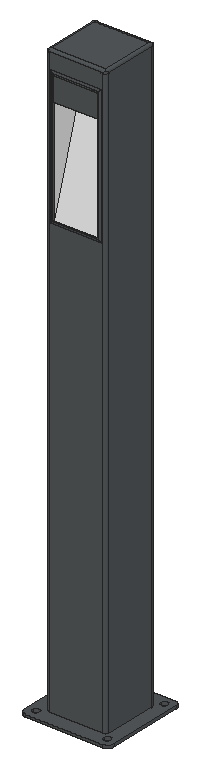
Revit family "svetilnik_alfresco_ar deko_dtu19", category Lighting Fixtures, Revit 2016 (continued)
Definition of nested family "Источник света Ар_Деко"
  Types (5, lengths in mm): name | Photometric Web File | built-in parameter 1150142
      .2\r\n       0.2       0.2       0.2       0.2       0.2       0.2       0.2       0.2\r\n       0.2       0.2       0.2       0.2       0.2       0.2       0.2       0.2\r\n       0.2       0.2       0.2       0.2       0.2       0.2       0.2       0.2\r\n       0.2       0.2       0.2       0.2       0.2       0.2       0.2       0.2\r\n       0.2       0.2       0.2       0.2       0.2       0.2       0.2       0.2\r\n       0.2       0.2       0.2       0.2       0.2       0.2       0.2       0.2\r\n       0.2       0.2       0.2       0.2       0.2       0.2       0.2       0.2\r\n       0.2       0.2       0.2       0.2       0.2       0.2       0.2       0.2\r\n       0.2       0.2       0.2       0.2       0.2       0.2       0.2       0.2\r\n       0.2       0.2       0.2       0.2       0.2       0.2       0.2       0.2\r\n       0.2       0.2       0.2       0.2       0.2       0.2       0.2       0.2\r\n       0.2       0.2       0.2       0.2       0.2       0.2       0.2       0.2\r\n       0.2       0.2       0.2       0.2       0.2       0.2       0.2       0.2\r\n       0.2       0.2       0.2       0.2       0.2       0.2       0.2       0.2\r\n       0.2       0.2       0.2       0.2       0.2       0.2       0.2       0.2\r\n       0.2       0.2       0.2       0.2       0.2       0.2       0.2       0.2\r\n       0.2       0.2       0.2       0.1       0.1       0.1       0.0       0.0\r\n       0.0       0.0       0.0       0.0       0.0\r\n       0.0       0.0       0.1       0.1       0.1       0.1       0.1       0.1\r\n       0.2       0.2       0.2       0.2       0.2       0.2       0.2       0.2\r\n       0.2       0.2       0.2       0.2       0.2       0.2       0.2       0.2\r\n       0.2       0.2       0.2       0.2       0.2       0.2       0.2       0.2\r\n       0.2       0.2       0.2       0.2       0.2       0.2       0.2       0.2\r\n       0.2       0.2       0.2       0.2       0.2       0.2       0.2       0.2\r\n       0.2       0.2       0.2       0.2       0.2       0.2       0.2       0.2\r\n       0.2       0.2       0.2       0.2       0.2       0.2       0.2       0.2\r\n       0.2       0.2       0.2       0.2       0.2       0.2       0.2       0.2\r\n       0.2       0.2       0.2       0.2       0.2       0.2       0.2       0.2\r\n       0.2       0.2       0.2       0.2       0.2       0.2       0.2       0.2\r\n       0.2       0.2       0.2       0.2       0.2       0.2       0.2       0.2\r\n       0.2       0.2       0.2       0.2       0.2       0.2       0.2       0.2\r\n       0.2       0.2       0.2       0.2       0.2       0.2       0.2       0.2\r\n       0.2       0.2       0.2       0.2       0.2       0.2       0.2       0.2\r\n       0.2       0.2       0.2       0.2       0.2       0.2       0.2       0.2\r\n       0.2       0.2       0.2       0.2       0.2       0.2       0.2       0.2\r\n       0.2       0.2       0.2       0.2       0.2       0.2       0.2       0.2\r\n       0.2       0.2       0.2       0.2       0.2       0.2       0.2       0.2\r\n       0.2       0.2       0.2       0.2       0.2       0.2       0.2       0.2\r\n       0.2       0.2       0.2       0.2       0.2       0.2       0.2       0.2\r\n       0.2       0.2       0.2       0.1       0.1       0.1       0.0       0.0\r\n       0.0       0.0       0.0       0.0       0.0\r\n       0.0       0.0       0.1       0.1       0.1       0.1       0.1       0.1\r\n       0.2       0.2       0.2       0.2       0.2       0.2       0.2       0.2\r\n       0.2       0.2       0.2       0.2       0.2       0.2       0.2       0.2\r\n       0.2       0.2       0.2       0.2       0.2       0.2       0.2       0.2\r\n       0.2       0.2       0.2       0.2       0.2       0.2       0.2       0.2\r\n       0.2       0.2       0.2       0.2       0.2       0.2       0.2       0.2\r\n       0.2       0.2       0.2       0.2       0.2       0.2       0.2       0.2\r\n       0.2       0.2       0.2       0.2       0.2       0.2       0.2       0.2\r\n       0.2       0.2       0.2       0.2       0.2       0.2       0.2       0.2\r\n       0.2       0.2       0.2       0.2       0.2       0.2       0.2       0.2\r\n       0.2       0.2       0.2       0.2       0.2       0.2       0.2       0.2\r\n       0.2       0.2       0.2       0.2       0.2       0.2       0.2       0.2\r\n       0.2       0.2       0.2       0.2       0.2       0.2       0.2       0.2\r\n       0.2       0.2       0.2       0.2       0.2       0.2       0.2       0.2\r\n       0.2       0.2       0.2       0.2       0.2       0.2       0.2       0.2\r\n       0.2       0.2       0.2       0.2       0.2       0.2       0.2       0.2\r\n       0.2       0.2       0.2       0.2       0.2       0.2       0.2       0.2\r\n       0.2       0.2       0.2       0.2       0.2       0.2       0.2       0.2\r\n       0.2       0.2       0.2       0.2       0.2       0.2       0.2       0.2\r\n       0.2       0.2       0.2       0.2       0.2       0.2       0.2       0.2\r\n       0.2       0.2       0.2       0.2       0.2       0.2       0.2       0.2\r\n       0.2       0.2       0.2       0.1       0.1       0.1       0.0       0.0\r\n       0.0       0.0       0.0       0.0       0.0\r\n       0.0       0.0       0.1       0.1       0.1       0.1       0.1       0.1\r\n       0.2       0.2       0.2       0.2       0.2       0.2       0.2       0.2\r\n       0.2       0.2       0.2       0.2       0.2       0.2       0.2       0.2\r\n       0.2       0.2       0.2       0.2       0.2       0.2       0.2       0.2\r\n       0.2       0.2       0.2       0.2       0.2       0.2       0.2       0.2\r\n       0.2       0.2       0.2       0.2       0.2       0.2       0.2       0.2\r\n       0.2       0.2       0.2       0.2       0.2       0.2       0.2       0.2\r\n       0.2       0.2       0.2       0.2       0.2       0.2       0.2       0.2\r\n       0.2       0.2       0.2       0.2       0.2       0.2       0.2       0.2\r\n       0.2       0.2       0.2       0.2       0.2       0.2       0.2       0.2\r\n       0.2       0.2       0.2       0.2       0.2       0.2       0.2       0.2\r\n       0.2       0.2       0.2       0.2       0.2       0.2       0.2       0.2\r\n       0.2       0.2       0.2       0.2       0.2       0.2       0.2       0.2\r\n       0.2       0.2       0.2       0.2       0.2       0.2       0.2       0.2\r\n       0.2       0.2       0.2       0.2       0.2       0.2       0.2       0.2\r\n       0.2       0.2       0.2       0.2       0.2       0.2       0.2       0.2\r\n       0.2       0.2       0.2       0.2       0.2       0.2       0.2       0.2\r\n       0.2       0.2       0.2       0.2       0.2       0.2       0.2       0.2\r\n       0.2       0.2       0.2       0.2       0.2       0.2       0.2       0.2\r\n       0.2       0.2       0.2       0.2       0.2       0.2       0.2       0.2\r\n       0.2       0.2       0.2       0.2       0.2       0.2       0.2       0.2\r\n       0.2       0.2       0.2       0.1       0.1       0.1       0.0       0.0\r\n       0.0       0.0       0.0       0.0       0.0\r\n       0.0       0.0       0.1       0.1       0.1       0.1       0.1       0.1\r\n       0.2       0.2       0.2       0.2       0.2       0.2       0.2       0.2\r\n       0.2       0.2       0.2       0.2       0.2       0.2       0.2       0.2\r\n       0.2       0.2       0.2       0.2       0.2       0.2       0.2       0.2\r\n       0.2       0.2       0.2       0.2       0.2       0.2       0.2       0.2\r\n       0.2       0.2       0.2       0.2       0.2       0.2       0.2       0.2\r\n       0.2       0.2       0.2       0.2       0.2       0.2       0.2       0.2\r\n       0.2       0.2       0.2       0.2       0.2       0.2       0.2       0.2\r\n       0.2       0.2       0.2       0.2       0.2       0.2       0.2       0.2\r\n       0.2       0.2       0.2       0.2       0.2       0.2       0.3       0.2\r\n       0.2       0.2       0.2       0.2       0.2       0.2       0.2       0.2\r\n       0.2       0.2       0.2       0.2       0.2       0.2       0.2       0.2\r\n       0.2       0.2       0.2       0.2       0.2       0.2       0.2       0.2\r\n       0.2       0.2       0.2       0.2       0.2       0.2       0.2       0.2\r\n       0.2       0.2       0.2       0.2       0.2       0.2       0.2       0.2\r\n       0.2       0.2       0.2       0.2       0.2       0.2       0.2       0.2\r\n       0.2       0.2       0.2       0.2       0.2       0.2       0.2       0.2\r\n       0.2       0.2       0.2       0.2       0.2       0.2       0.2       0.2\r\n       0.2       0.2       0.2       0.2       0.2       0.2       0.2       0.2\r\n       0.2       0.2       0.2       0.2       0.2       0.2       0.2       0.2\r\n       0.2       0.2       0.2       0.2       0.2       0.2       0.2       0.2\r\n       0.2       0.2       0.2       0.1       0.1       0.1       0.0       0.0\r\n       0.0       0.0       0.0       0.0       0.0\r\n       0.0       0.0       0.1       0.1       0.1       0.1       0.1       0.1\r\n       0.2       0.2       0.2       0.2       0.2       0.2       0.2       0.2\r\n       0.2       0.2       0.2       0.2       0.2       0.2       0.2       0.2\r\n       0.2       0.2       0.2       0.2       0.2       0.2       0.2       0.2\r\n       0.2       0.2       0.2       0.2       0.2       0.2       0.2       0.2\r\n       0.2       0.2       0.2       0.2       0.2       0.2       0.2       0.2\r\n       0.2       0.2       0.2       0.2       0.2       0.2       0.2       0.2\r\n       0.2       0.2       0.2       0.2       0.2       0.2       0.2       0.2\r\n       0.2       0.2       0.2       0.2       0.2       0.2       0.2       0.2\r\n       0.2       0.2       0.2       0.2       0.2       0.2       0.2       0.2\r\n       0.2       0.2       0.2       0.2       0.2       0.2       0.2       0.2\r\n       0.2       0.2       0.2       0.2       0.2       0.2       0.2       0.2\r\n       0.2       0.2       0.2       0.2       0.2       0.2       0.2       0.2\r\n       0.2       0.2       0.2       0.2       0.2       0.2       0.2       0.2\r\n       0.2       0.2       0.2       0.2       0.2       0.2       0.2       0.2\r\n       0.2       0.2       0.2       0.2       0.2       0.2       0.2       0.2\r\n       0.2       0.2       0.2       0.2       0.2       0.2       0.2       0.2\r\n       0.2       0.2       0.2       0.2       0.2       0.2       0.2       0.2\r\n       0.2       0.2       0.2       0.2       0.2       0.2       0.2       0.2\r\n       0.2       0.2       0.2       0.2       0.2       0.2       0.2       0.2\r\n       0.2       0.2       0.2       0.2       0.2       0.2       0.2       0.2\r\n       0.2       0.2       0.2       0.1       0.1       0.1       0.0       0.0\r\n       0.0       0.0       0.0       0.0       0.0\r\n       0.0       0.0       0.1       0.1       0.1       0.1       0.1       0.1\r\n       0.2       0.2       0.2       0.2       0.2       0.2       0.2       0.2\r\n       0.2       0.2       0.2       0.2       0.2       0.2       0.2       0.2\r\n       0.2       0.2       0.2       0.2       0.2       0.2       0.2       0.2\r\n       0.2       0.2       0.2       0.2       0.2       0.2       0.2       0.2\r\n       0.2       0.2       0.2       0.2       0.2       0.2       0.2       0.2\r\n       0.2       0.2       0.2       0.2       0.2       0.2       0.2       0.2\r\n       0.2       0.2       0.2       0.2       0.2       0.2       0.2       0.2\r\n       0.2       0.2       0.2       0.2       0.2       0.2       0.2       0.2\r\n       0.2       0.2       0.2       0.2       0.2       0.2       0.2       0.2\r\n       0.2       0.2       0.2       0.2       0.2       0.2       0.2       0.2\r\n       0.2       0.2       0.2       0.2       0.2       0.2       0.2       0.2\r\n       0.2       0.2       0.2       0.2       0.2       0.2       0.2       0.2\r\n       0.2       0.2       0.2       0.2       0.2       0.2       0.2       0.2\r\n       0.2       0.2       0.2       0.2       0.2       0.2       0.2       0.2\r\n       0.2       0.2       0.2       0.2       0.2       0.2       0.2       0.2\r\n       0.2       0.2       0.2       0.2       0.2       0.2       0.2       0.2\r\n       0.2       0.2       0.2       0.2       0.2       0.2       0.2       0.2\r\n       0.2       0.2       0.2       0.2       0.2       0.2       0.2       0.2\r\n       0.2       0.2       0.2       0.2       0.2       0.2       0.2       0.2\r\n       0.2       0.2       0.2       0.2       0.2       0.2       0.2       0.2\r\n       0.2       0.2       0.2       0.1       0.1       0.1       0.0       0.0\r\n       0.0       0.0       0.0       0.0       0.0\r\n       0.0       0.0       0.1       0.1       0.1       0.1       0.1       0.1\r\n       0.2       0.2       0.2       0.2       0.2       0.2       0.2       0.2\r\n       0.2       0.2       0.2       0.2       0.2       0.2       0.2       0.2\r\n       0.2       0.2       0.2       0.2       0.2       0.2       0.2       0.2\r\n       0.2       0.2       0.2       0.2       0.2       0.2       0.2       0.2\r\n       0.2       0.2       0.2       0.2       0.2       0.2       0.2       0.2\r\n       0.2       0.2       0.2       0.2       0.2       0.2       0.2       0.2\r\n       0.2       0.2       0.2       0.2       0.2       0.2       0.2       0.2\r\n       0.2       0.2       0.2       0.2       0.2       0.2       0.2       0.2\r\n       0.2       0.2       0.2       0.2       0.2       0.2       0.2       0.2\r\n       0.2       0.2       0.2       0.2       0.2       0.2       0.2       0.2\r\n       0.2       0.2       0.2       0.2       0.2       0.2       0.2       0.2\r\n       0.2       0.2       0.2       0.2       0.2       0.2       0.2       0.2\r\n       0.2       0.2       0.2       0.2       0.2       0.2       0.2       0.2\r\n       0.2       0.2       0.2       0.2       0.2       0.2       0.2       0.2\r\n       0.2       0.2       0.2       0.2       0.2       0.2       0.2       0.2\r\n       0.2       0.2       0.2       0.2       0.2       0.2       0.2       0.2\r\n       0.2       0.2       0.2       0.2       0.2       0.2       0.2       0.2\r\n       0.2       0.2       0.2       0.2       0.2       0.2       0.2       0.2\r\n       0.2       0.2       0.2       0.2       0.2       0.2       0.2       0.2\r\n       0.2       0.2       0.2       0.2       0.2       0.2       0.2       0.2\r\n       0.2       0.2       0.2       0.1       0.1       0.1       0.0       0.0\r\n       0.0       0.0       0.0       0.0       0.0\r\n       0.0       0.0       0.2       0.1       0.1       0.1       0.1       0.1\r\n       0.2       0.2       0.2       0.2       0.2       0.2       0.2       0.2\r\n       0.2       0.2       0.2       0.2       0.2       0.2       0.2       0.2\r\n       0.2       0.2       0.2       0.2       0.2       0.2       0.2       0.2\r\n       0.2       0.2       0.2       0.2       0.2       0.2       0.2       0.2\r\n       0.2       0.2       0.2       0.2       0.2       0.2       0.2       0.2\r\n       0.2       0.2       0.2       0.2       0.2       0.2       0.2       0.2\r\n       0.2       0.2       0.2       0.2       0.2       0.2       0.2       0.2\r\n       0.2       0.2       0.2       0.2       0.2       0.2       0.2       0.2\r\n       0.2       0.2       0.2       0.2       0.2       0.2       0.2       0.2\r\n       0.2       0.2       0.2       0.2       0.2       0.2       0.2       0.2\r\n       0.2       0.2       0.2       0.2       0.2       0.2       0.2       0.2\r\n       0.2       0.2       0.2       0.2       0.2       0.2       0.2       0.2\r\n       0.2       0.2       0.2       0.2       0.2       0.2       0.2       0.2\r\n       0.2       0.2       0.2       0.2       0.2       0.2       0.2       0.2\r\n       0.2       0.2       0.2       0.2       0.2       0.2       0.2       0.2\r\n       0.2       0.2       0.2       0.2       0.2       0.2       0.2       0.2\r\n       0.2       0.2       0.2       0.2       0.2       0.2       0.2       0.2\r\n       0.2       0.2       0.2       0.2       0.2       0.2       0.2       0.2\r\n
             0.2       0.2       0.2       0.2       0.2       0.2       0.2       0.2\r\n       0.2       0.2       0.2       0.2       0.2       0.2       0.2       0.2\r\n       0.2       0.2       0.2       0.1       0.1       0.1       0.0       0.0\r\n       0.0       0.0       0.0       0.0       0.0\r\n       0.0       0.0       0.2       0.1       0.1       0.1       0.1       0.1\r\n       0.2       0.2       0.2       0.2       0.2       0.2       0.2       0.2\r\n       0.2       0.2       0.2       0.2       0.2       0.2       0.2       0.2\r\n       0.2       0.2       0.2       0.2       0.2       0.2       0.2       0.2\r\n       0.2       0.2       0.2       0.2       0.2       0.2       0.2       0.2\r\n       0.2       0.2       0.2       0.2       0.2       0.2       0.2       0.2\r\n       0.2       0.2       0.2       0.2       0.2       0.2       0.2       0.2\r\n       0.2       0.2       0.2       0.2       0.2       0.2       0.2       0.2\r\n       0.2       0.3       0.3       0.3       0.3       0.3       0.3       0.3\r\n       0.3       0.2       0.2       0.2       0.2       0.2       0.2       0.2\r\n       0.2       0.2       0.2       0.2       0.2       0.2       0.2       0.2\r\n       0.2       0.2       0.2       0.2       0.2       0.2       0.2       0.2\r\n       0.2       0.2       0.2       0.2       0.2       0.2       0.2       0.2\r\n       0.2       0.2       0.2       0.2       0.2       0.2       0.2       0.2\r\n       0.2       0.2       0.2       0.2       0.2       0.2       0.2       0.2\r\n       0.2       0.2       0.2       0.2       0.2       0.2       0.2       0.2\r\n       0.2       0.2       0.2       0.2       0.2       0.2       0.2       0.2\r\n       0.2       0.2       0.2       0.2       0.2       0.2       0.2       0.2\r\n       0.2       0.2       0.2       0.2       0.2       0.2       0.2       0.2\r\n       0.2       0.2       0.2       0.2       0.2       0.2       0.2       0.2\r\n       0.2       0.2       0.2       0.2       0.2       0.2       0.2       0.2\r\n       0.2       0.2       0.2       0.1       0.1       0.1       0.0       0.0\r\n       0.0       0.0       0.0       0.0       0.0\r\n       0.0       0.0       0.2       0.1       0.1       0.1       0.1       0.1\r\n       0.2       0.3       0.2       0.2       0.2       0.2       0.2       0.2\r\n       0.2       0.2       0.2       0.2       0.2       0.2       0.2       0.2\r\n       0.2       0.2       0.2       0.2       0.2       0.2       0.2       0.2\r\n       0.2       0.2       0.2       0.2       0.2       0.2       0.2       0.2\r\n       0.2       0.2       0.2       0.2       0.2       0.2       0.2       0.2\r\n       0.2       0.2       0.2       0.2       0.2       0.2       0.2       0.2\r\n       0.2       0.2       0.2       0.3       0.3       0.3       0.3       0.3\r\n       0.4       0.7       0.7       0.7       0.6       0.5       0.5       0.4\r\n       0.4       0.3       0.3       0.2       0.2       0.2       0.2       0.2\r\n       0.2       0.2       0.2       0.2       0.2       0.2       0.2       0.2\r\n       0.2       0.2       0.2       0.2       0.2       0.2       0.2       0.2\r\n       0.2       0.2       0.2       0.2       0.2       0.2       0.2       0.2\r\n       0.2       0.2       0.2       0.2       0.2       0.2       0.2       0.2\r\n       0.2       0.2       0.2       0.2       0.2       0.2       0.2       0.2\r\n       0.2       0.2       0.2       0.2       0.2       0.2       0.2       0.2\r\n       0.2       0.2       0.2       0.2       0.2       0.2       0.2       0.2\r\n       0.2       0.2       0.2       0.2       0.2       0.2       0.2       0.2\r\n       0.2       0.2       0.2       0.2       0.2       0.2       0.2       0.2\r\n       0.2       0.2       0.2       0.2       0.2       0.2       0.2       0.2\r\n       0.2       0.2       0.2       0.2       0.2       0.2       0.2       0.2\r\n       0.2       0.2       0.2       0.2       0.1       0.1       0.0       0.0\r\n       0.0       0.0       0.0       0.0       0.0\r\n       0.0       0.0       0.2       0.1       0.2       0.1       0.1       0.1\r\n       0.2       0.3       0.2       0.2       0.2       0.2       0.2       0.2\r\n       0.2       0.2       0.2       0.2       0.2       0.2       0.2       0.2\r\n       0.2       0.2       0.2       0.2       0.2       0.2       0.2       0.2\r\n       0.2       0.2       0.2       0.2       0.2       0.2       0.3       0.9\r\n       1.2       1.2       1.0       0.9       0.8       0.7       0.6       0.5\r\n       0.4       0.4       0.4       0.4       0.4       0.4       0.5       0.6\r\n       0.5       0.5       0.6       0.8       0.9       1.0       1.2       1.0\r\n       0.7       1.0       1.3       1.4       1.2       1.0       0.8       0.7\r\n       0.6       0.5       0.4       0.4       0.3       0.3       0.3       0.2\r\n       0.2       0.2       0.2       0.2       0.2       0.2       0.2       0.2\r\n       0.2       0.2       0.2       0.2       0.2       0.2       0.2       0.2\r\n       0.2       0.2       0.2       0.2       0.2       0.2       0.2       0.2\r\n       0.2       0.2       0.2       0.2       0.2       0.2       0.2       0.2\r\n       0.2       0.2       0.2       0.2       0.2       0.2       0.2       0.2\r\n       0.2       0.2       0.2       0.2       0.2       0.2       0.2       0.2\r\n       0.2       0.2       0.2       0.2       0.2       0.2       0.2       0.2\r\n       0.2       0.2       0.2       0.2       0.2       0.2       0.2       0.2\r\n       0.2       0.2       0.2       0.2       0.2       0.2       0.2       0.2\r\n       0.2       0.2       0.2       0.2       0.2       0.2       0.2       0.2\r\n       0.2       0.2       0.2       0.2       0.2       0.2       0.2       0.2\r\n       0.2       0.2       0.2       0.2       0.1       0.1       0.0       0.0\r\n       0.0       0.0       0.0       0.0       0.0\r\n       0.0       0.0       0.2       0.1       0.2       0.1       0.1       0.1\r\n       0.2       0.3       0.2       0.2       0.2       0.2       0.2       0.2\r\n       0.2       0.2       0.2       0.2       0.2       0.2       0.2       0.2\r\n       0.2       0.2       0.2       0.2       0.2       0.2       0.2       0.2\r\n       0.3       0.7       0.7       0.9       2.5       2.5       4.6      17.7\r\n      28.3      32.2      31.9      32.9      31.0      28.3      26.0      23.7\r\n      21.6      19.2      16.5      14.3      12.6      11.4      10.3       9.2\r\n       8.7       8.5       8.8       9.5       9.5       9.9       9.9       9.6\r\n      10.2      10.5      10.4      10.9      10.7      10.3      10.5      10.0\r\n       9.6       9.6       8.8       8.0       7.8       7.1       6.5       6.1\r\n       4.0       1.4       0.5       0.2       0.2       0.2       0.2       0.2\r\n       0.2       0.2       0.2       0.2       0.2       0.2       0.2       0.2\r\n       0.2       0.2       0.2       0.2       0.2       0.2       0.2       0.2\r\n       0.2       0.2       0.2       0.2       0.2       0.2       0.2       0.2\r\n       0.2       0.2       0.2       0.2       0.2       0.2       0.2       0.2\r\n       0.2       0.2       0.2       0.2       0.2       0.2       0.2       0.2\r\n       0.2       0.2       0.2       0.2       0.2       0.2       0.2       0.2\r\n       0.2       0.2       0.2       0.2       0.2       0.2       0.2       0.2\r\n       0.2       0.2       0.2       0.2       0.2       0.2       0.2       0.2\r\n       0.2       0.2       0.2       0.2       0.2       0.2       0.2       0.2\r\n       0.2       0.2       0.2       0.2       0.2       0.2       0.2       0.2\r\n       0.2       0.2       0.2       0.2       0.1       0.1       0.0       0.0\r\n       0.0       0.0       0.0       0.0       0.0\r\n       0.0       0.0       0.2       0.1       0.2       0.1       0.1       0.1\r\n       0.2       0.3       0.2       0.2       0.2       0.2       0.2       0.2\r\n       0.2       0.2       0.2       0.2       0.2       0.2       0.2       0.2\r\n       0.2       0.2       0.2       0.2       0.2       0.2       0.6       1.3\r\n       2.5       7.3       9.8      13.7      29.5      46.7      54.6      59.2\r\n      63.3      65.5      68.9      71.5      74.0      72.6      70.6      67.4\r\n      65.3      64.1      62.1      61.6      60.7      59.8      59.2      58.8\r\n      57.6      56.4      55.4      53.9      52.1      50.9      49.5      47.2\r\n      44.6      42.6      41.7      40.1      38.3      37.2      35.6      33.4\r\n      30.8      28.4      26.4      24.1      22.7      20.6      17.6      12.3\r\n       7.0       3.9       2.5       1.4       0.7       0.3       0.2       0.2\r\n       0.2       0.2       0.2       0.2       0.2       0.2       0.2       0.2\r\n       0.2       0.2       0.2       0.2       0.2       0.2       0.2       0.2\r\n       0.2       0.2       0.2       0.2       0.2       0.2       0.2       0.2\r\n       0.2       0.2       0.2       0.2       0.2       0.2       0.2       0.2\r\n       0.2       0.2       0.2       0.2       0.2       0.2       0.2       0.2\r\n       0.2       0.2       0.2       0.2       0.2       0.2       0.2       0.2\r\n       0.2       0.2       0.2       0.2       0.2       0.2       0.2       0.2\r\n       0.2       0.2       0.2       0.2       0.2       0.2       0.2       0.2\r\n       0.2       0.2       0.2       0.2       0.2       0.2       0.2       0.2\r\n       0.2       0.2       0.2       0.2       0.2       0.2       0.2       0.2\r\n       0.2       0.2       0.2       0.2       0.1       0.1       0.0       0.0\r\n       0.0       0.0       0.0       0.0       0.0\r\n       0.0       0.0       0.2       0.1       0.2       0.1       0.1       0.1\r\n       0.2       0.3       0.2       0.2       0.2       0.2       0.2       0.2\r\n       0.2       0.2       0.2       0.2       0.2       0.2       0.2       0.2\r\n       0.2       0.2       0.2       0.3       1.1       3.0       6.5      13.8\r\n      18.7      28.7      51.5      64.5      73.2      82.0      90.2      94.9\r\n     100.3     105.0     109.2     113.7     112.3     112.5     109.7     106.5\r\n     104.3     102.3     100.3      97.6      95.6      94.8      93.6      91.2\r\n      90.6      88.7      86.1      84.2      83.0      81.0      78.4      76.1\r\n      73.5      70.7      68.6      66.0      63.9      61.3      57.8      53.9\r\n      50.4      46.7      44.0      41.1      37.5      30.7      23.0      17.2\r\n      13.0       9.4       6.7       4.7       3.0       1.7       0.8       0.3\r\n       0.2       0.2       0.2       0.2       0.2       0.2       0.2       0.2\r\n       0.2       0.2       0.2       0.2       0.2       0.2       0.2       0.2\r\n       0.2       0.2       0.2       0.2       0.2       0.2       0.2       0.2\r\n       0.2       0.2       0.2       0.2       0.2       0.2       0.2       0.2\r\n       0.2       0.2       0.2       0.2       0.2       0.2       0.2       0.2\r\n       0.2       0.2       0.2       0.2       0.2       0.2       0.2       0.2\r\n       0.2       0.2       0.2       0.2       0.2       0.2       0.2       0.2\r\n       0.2       0.2       0.2       0.2       0.2       0.2       0.2       0.2\r\n       0.2       0.2       0.2       0.2       0.2       0.2       0.2       0.2\r\n       0.2       0.2       0.2       0.2       0.2       0.2       0.2       0.2\r\n       0.2       0.2       0.2       0.2       0.1       0.1       0.0       0.0\r\n       0.0       0.0       0.0       0.0       0.0\r\n       0.0       0.0       0.2       0.1       0.2       0.1       0.1       0.1\r\n       0.2       0.3       0.2       0.2       0.2       0.2       0.2       0.2\r\n       0.2       0.2       0.2       0.2       0.2       0.2       0.2       0.2\r\n       0.3       0.5       0.9       4.4      10.3      24.3      34.7      49.5\r\n      64.4      75.0      83.8      92.5     101.2     110.4     122.8     128.6\r\n     140.5     155.9     156.4     165.2     172.1     168.9     168.0     167.5\r\n     166.4     163.9     163.7     162.5     161.6     159.0     156.9     154.6\r\n     150.7     147.2     143.9     139.8     135.2     130.3     126.3     121.9\r\n     116.5     112.1     108.0     104.3      99.5      95.0      90.1      85.3\r\n      80.5      75.0      69.5      62.2      52.5      43.3      35.6      29.8\r\n      24.6      19.9      15.9      11.6       8.2       5.2       3.3       0.7\r\n       0.2       0.2       0.2       0.2       0.2       0.2       0.2       0.2\r\n       0.2       0.2       0.2       0.2       0.2       0.2       0.2       0.2\r\n       0.2       0.2       0.2       0.2       0.2       0.2       0.2       0.2\r\n       0.2       0.2       0.2       0.2       0.2       0.2       0.2       0.2\r\n       0.2       0.2       0.2       0.2       0.2       0.2       0.2       0.2\r\n       0.2       0.2       0.2       0.2       0.2       0.2       0.2       0.2\r\n       0.2       0.2       0.2       0.2       0.2       0.2       0.2       0.2\r\n       0.2       0.2       0.2       0.2       0.2       0.2       0.2       0.2\r\n       0.2       0.2       0.2       0.2       0.2       0.2       0.2       0.2\r\n       0.2       0.2       0.2       0.2       0.2       0.2       0.2       0.2\r\n       0.2       0.2       0.2       0.1       0.1       0.1       0.0       0.0\r\n       0.0       0.0       0.0       0.0       0.0\r\n       0.0       0.0       0.2       0.1       0.2       0.1       0.1       0.2\r\n       0.2       0.3       0.2       0.2       0.2       0.2       0.2       0.2\r\n       0.2       0.2       0.2       0.2       0.2       0.2       0.3       0.4\r\n       1.7       4.4      11.1      30.2      41.1      52.9      67.3      81.5\r\n      93.5     100.1     109.7     126.0     138.4     151.3     168.4     182.1\r\n     196.9     213.0     216.8     213.5     211.4     210.4     205.1     202.2\r\n     199.2     197.1     193.2     189.5     186.2     183.3     180.9     178.3\r\n     175.0     170.7     167.5     163.2     158.5     155.5     151.8     147.2\r\n     142.8     138.2     134.2     129.3     124.2     118.7     113.9     108.8\r\n     103.0      95.2      83.0      71.0      62.6      54.4      48.5      41.8\r\n      36.1      30.2      25.2      19.9      14.2       9.6       6.0       1.3\r\n       0.3       0.2       0.2       0.2       0.2       0.2       0.2       0.2\r\n       0.2       0.2       0.2       0.2       0.2       0.2       0.2       0.2\r\n       0.2       0.2       0.2       0.2       0.2       0.2       0.2       0.2\r\n       0.2       0.2       0.2       0.2       0.2       0.2       0.2       0.2\r\n       0.2       0.2       0.2       0.2       0.2       0.2       0.2       0.2\r\n       0.2       0.2       0.2       0.2       0.2       0.2       0.2       0.2\r\n       0.2       0.2       0.2       0.2       0.2       0.2       0.2       0.2\r\n       0.2       0.2       0.2       0.2       0.2       0.2       0.2       0.2\r\n       0.2       0.2       0.2       0.2       0.2       0.2       0.2       0.2\r\n       0.2       0.2       0.2       0.2       0.2       0.2       0.2       0.2\r\n       0.2       0.2       0.2       0.1       0.1       0.1       0.0       0.0\r\n       0.0       0.0       0.0       0.0       0.0\r\n       0.0       0.0       0.2       0.1       0.2       0.1       0.1       0.2\r\n       0.2       0.3       0.2       0.2       0.2       0.2       0.2       0.2\r\n       0.2       0.2       0.2       0.2       0.2       0.3       1.7       5.0\r\n      12.5      23.5      48.5      64.1      74.4      87.0      97.3     107.5\r\n     115.2     130.4     146.1     159.4     179.6     193.2     211.1     222.5\r\n     225.9     224.7     221.8     220.0     217.4     212.4     212.6     209.4\r\n     206.8     204.9     200.7     198.6     196.1     191.9     189.3     184.6\r\n     180.2     178.4     173.3     167.9     163.8     161.3     156.3     151.3\r\n     147.6     143.1     137.8     132.6     127.9     123.6     118.8     112.3\r\n     101.9      88.8      76.8      67.8      60.6      53.9      47.3      40.7\r\n      35.6      28.9      24.6    
